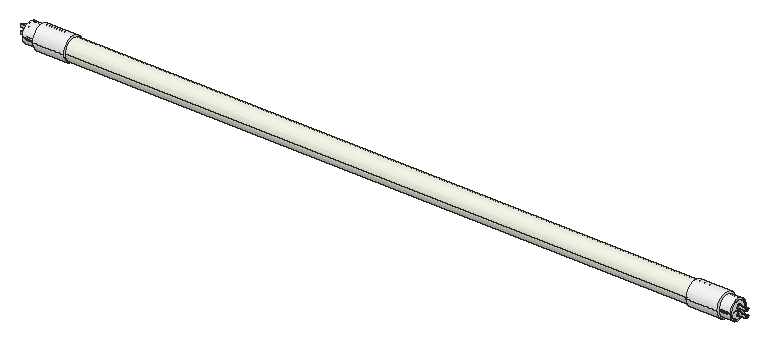
Revit family "STH9608_30_40_65", category Luminárias, Revit 2023
Family settings
  Cota do conector redondo = Utilizar diâmetro
  Tipo de parte = Normal
  Com base no plano de trabalho = Não
  Sempre na vertical = Sim
  Corte com vazios quando carregada = Não
  Fonte luminosa = Sim
  Manter orientação da anotação = Não
  Compartilhado = Não
  Ponto de cálculo do ambiente = Não
Parameters (values of type "STH9608/30 - BIVOLT - 3000K - 950lm - 160°")
  Ângulo de inclinação = 90.00°
  Ângulo de Abertura = "160°"
  Wattage = 6.3955 W
  URL = "https://stella.com.br/"
  Luminoso = Luminoso - 3000K
  Troca de temperatura da cor de lâmpada com esmaecimento = <Nenhum>
  Tensão Elétrica = "100V-240V"
  built-in parameter 1150107 = 3000 (stored number, unit not read)
  Temperatura da cor (K) = 3000 K
  Referência = "STH9608/30 - BIVOLT"
  Potência = 9 W
  built-in parameter 1150110 = 1 (stored number, unit not read)
  built-in parameter 1150109 = 1 (stored number, unit not read)
  built-in parameter 1114218 = 1 (stored number, unit not read)
  built-in parameter 1150112 = 1 (stored number, unit not read)
  built-in parameter 1150113 = 1 (stored number, unit not read)
  built-in parameter 1150132 = 2
  built-in parameter 1150137 = (empty or 0)
  Modelo = "Tubular T5 55cm"
  built-in parameter 1150106 = 0.75599 (stored number, unit not read)
  built-in parameter 1150102 = (empty or 0)
  built-in parameter 1150105 = 75.599 (stored number, unit not read)
  IRC (Índice de reprodução de cores) = ">80"
  Grau de proteção (IP) = "IP20"
  Fluxo Luminoso = 950 lm
  Color Filter = 16777215
  built-in parameter 1114217 = 1 (stored number, unit not read)
  built-in parameter 1150139 = (empty or 0)
  Fabricante = "Stella"
  Estrutura = Al - Branco
  Default Elevation = 0.00 m
  built-in parameter 1150104 = 13.8 (stored number, unit not read)
  Diâmetro = 0.018 m
  Dimerização = "Não dimerizável"
  built-in parameter 1150115 = 1 (stored number, unit not read)
  built-in parameter 1150114 = 1 (stored number, unit not read)
  Lumens = 950 lm
  built-in parameter 1150138 = (empty or 0)
  built-in parameter 1150134 = (empty or 0)
  Comprimento = 0.561 m
  Arquivo de rede fotométrica = "STELLA - STH9608-30 - TUBULAR T5 9W.ies"
  built-in parameter 1150133 = 10 (stored number, unit not read)
Types (4, lengths in m): name | Wattage | Luminoso | built-in parameter 1150107 | Temperatura da cor (K) | Referência | built-in parameter 1150106 | built-in parameter 1150105 | Fluxo Luminoso | Lumens | built-in parameter 1150134 | Arquivo de rede fotométrica
  (no name) | 6.3955 W | Luminoso - 3000K | 3000 (stored number, unit not read) | 3000 K | "STH9608/30 - BIVOLT" | 0.75599 (stored number, unit not read) | 75.599 (stored number, unit not read) | 950 lm | 950 lm | (empty or 0) | "STELLA - STH9608-30 - TUBULAR T5 9W.ies"
  STH9608/30 - BIVOLT - 3000K - 950lm - 160° | 6.3955 W | Luminoso - 3000K | 3000 (stored number, unit not read) | 3000 K | "STH9608/30 - BIVOLT" | 0.75599 (stored number, unit not read) | 75.599 (stored number, unit not read) | 950 lm | 950 lm | (empty or 0) | "STELLA - STH9608-30 - TUBULAR T5 9W.ies"
  STH9608/40 - BIVOLT - 4000K - 1000lm - 160° | 6.7321 W | Luminoso - 4000K | 4000 (stored number, unit not read) | 4000 K | "STH9608/40 - BIVOLT" | 2.0182 (stored number, unit not read) | 201.82 (stored number, unit not read) | 1000 lm | 1000 lm | 12 | "STELLA - STH9608-40 - TUBULAR T5 9W.ies"
  STH9608/65 - BIVOLT - 6500K - 1000lm - 160° | 6.7321 W | Luminoso - 6500K | 6500 (stored number, unit not read) | 6500 K | "STH9608/65 - BIVOLT" | 2.0182 (stored number, unit not read) | 201.82 (stored number, unit not read) | 1000 lm | 1000 lm | 1 | "STELLA - STH9608-65 - TUBULAR T5 9W.ies"
Reference planes (m)
  plane 1 "Centro (Frente/Trás)": y = -0.031228
  plane 2: z = 0
  plane 3 "Centro (Esquerda/Direita)": x = 0
  plane 4: y = -0.022228
  plane 5: y = -0.040228
  plane 6: x = -0.2805
  plane 7: x = 0.2805
  plane 8 "Superior": z = 0.018
Forms (m)
  Extrusion 1, solid, material "Luminoso - 3000K" <- "Luminoso"
    sketch origin (0, 0, 0) x (0, 1, 0) y (0, 0, 1)
      loop
        circle (-0.031228, 0.009) r 0.008
      loop
        circle (-0.031228, 0.009) r 0.0078
    from -0.241 to 0.241
  Extrusion 2, solid, material "Al - Branco" <- "Estrutura"
    sketch origin (0, 0, 0) x (0, 1, 0) y (0, 0, 1)
      loop
        circle (-0.031228, 0.009) r 0.009
      loop
        circle (-0.031228, 0.009) r 0.0075
    from 0.241 to 0.265
  Extrusion 3, solid, material "Al - Branco" <- "Estrutura"
    sketch origin (0, 0, 0) x (0, 1, 0) y (0, 0, 1)
      loop
        circle (-0.031228, 0.009) r 0.0075
      loop
        circle (-0.031228, 0.009) r 0.007
    from 0.265 to 0.274
  Extrusion 4, solid, material "Al - Branco" <- "Estrutura"
    sketch origin (0, 0, 0) x (0, 1, 0) y (0, 0, 1)
      loop
        circle (-0.031228, 0.009) r 0.007
    from 0.2723 to 0.2735
  Extrusion 5, solid, material "Al - Branco" <- "Estrutura"
    sketch origin (0, 0, 0) x (0, 1, 0) y (0, 0, 1)
      loop
        circle (-0.031228, 0.009) r 0.006
    from 0.2735 to 0.274
  Extrusion 6, void
    sketch origin (0, -0.040228, -0.022228) x (0, 0, -1) y (0, 1, 0)
      loop
        arc (-0.032378, 0.01285) -> (-0.032273, 0.01237) -> (-0.031978, 0.011978) r 0.00115
        line (-0.031978, 0.011978) -> (-0.031978, 0.006022)
        arc (-0.031978, 0.006022) -> (-0.032273, 0.00563) -> (-0.032378, 0.00515) r 0.00115
        arc (-0.032378, 0.00515) -> (-0.031228, 0.004) -> (-0.030078, 0.00515) r 0.00115
        arc (-0.030078, 0.00515) -> (-0.030183, 0.00563) -> (-0.030478, 0.006022) r 0.00115
        line (-0.030478, 0.006022) -> (-0.030478, 0.011978)
        arc (-0.030478, 0.011978) -> (-0.030183, 0.01237) -> (-0.030078, 0.01285) r 0.00115
        arc (-0.030078, 0.01285) -> (-0.031228, 0.014) -> (-0.032378, 0.01285) r 0.00115
    from 0.2725 to 0.274
  Extrusion 7, solid, material "Al - Branco" <- "Estrutura"
    sketch origin (0, -0.062456, 0) x (0, -1, 0) y (0, 0, 1)
      loop
        circle (-0.031228, 0.009) r 0.009
      loop
        circle (-0.031228, 0.009) r 0.0075
    from 0.241 to 0.265
  Extrusion 8, solid, material "Al - Branco" <- "Estrutura"
    sketch origin (0, -0.062456, 0) x (0, -1, 0) y (0, 0, 1)
      loop
        circle (-0.031228, 0.009) r 0.0075
      loop
        circle (-0.031228, 0.009) r 0.007
    from 0.265 to 0.274
  Extrusion 9, solid, material "Al - Branco" <- "Estrutura"
    sketch origin (0, -0.062456, 0) x (0, -1, 0) y (0, 0, 1)
      loop
        circle (-0.031228, 0.009) r 0.007
    from 0.2723 to 0.2735
  Extrusion 10, solid, material "Al - Branco" <- "Estrutura"
    sketch origin (0, -0.062456, 0) x (0, -1, 0) y (0, 0, 1)
      loop
        circle (-0.031228, 0.009) r 0.006
    from 0.2735 to 0.274
  Extrusion 11, void
    sketch origin (0, -0.022228, -0.022228) x (0, 0, -1) y (0, -1, 0)
      loop
        arc (-0.032378, 0.01285) -> (-0.032273, 0.01237) -> (-0.031978, 0.011978) r 0.00115
        line (-0.031978, 0.011978) -> (-0.031978, 0.006022)
        arc (-0.031978, 0.006022) -> (-0.032273, 0.00563) -> (-0.032378, 0.00515) r 0.00115
        arc (-0.032378, 0.00515) -> (-0.031228, 0.004) -> (-0.030078, 0.00515) r 0.00115
        arc (-0.030078, 0.00515) -> (-0.030183, 0.00563) -> (-0.030478, 0.006022) r 0.00115
        line (-0.030478, 0.006022) -> (-0.030478, 0.011978)
        arc (-0.030478, 0.011978) -> (-0.030183, 0.01237) -> (-0.030078, 0.01285) r 0.00115
        arc (-0.030078, 0.01285) -> (-0.031228, 0.014) -> (-0.032378, 0.01285) r 0.00115
    from 0.2725 to 0.274
  Extrusion 12, solid, material "Al - Branco" <- "Estrutura"
    sketch origin (0, -0.031228, 0) x (1, 0, 0) y (0, 0, 1)
      loop
        line (-0.271, 0.01) -> (-0.272, 0.009) -> (-0.271, 0.008) -> (-0.265, 0.008) -> (-0.265, 0.01) -> (-0.271, 0.01)
    from 0.007159 to 0.008245
  Extrusion 13, void
    sketch origin (0, 0.001555, 0) x (0, 1, 0) y (0, 0, 1)
      loop
        arc (-0.041943, 0.008977) -> (-0.041922, 0.008344) -> (-0.041862, 0.007713) r 0.01
        line (-0.041862, 0.007713) -> (-0.040374, 0.007713)
        arc (-0.040374, 0.007713) -> (-0.040456, 0.008354) -> (-0.040483, 0.009) r 0.0077
        arc (-0.040483, 0.009) -> (-0.040456, 0.009646) -> (-0.040374, 0.010287) r 0.0077
        line (-0.040374, 0.010287) -> (-0.041856, 0.010287)
        arc (-0.041856, 0.010287) -> (-0.041921, 0.009633) -> (-0.041943, 0.008977) r 0.01
    from -0.2723 to -0.263813
  Extrusion 14, solid, material "Al - Branco" <- "Estrutura"
    sketch origin (0, -0.031228, 0.018) x (-1, 0, 0) y (0, 0, -1)
      loop
        line (-0.271, 0.01) -> (-0.272, 0.009) -> (-0.271, 0.008) -> (-0.265, 0.008) -> (-0.265, 0.01) -> (-0.271, 0.01)
    from 0.007159 to 0.008245
  Extrusion 15, void
    sketch origin (0, 0.001555, 0) x (0, 1, 0) y (0, 0, -1)
      loop
        arc (-0.041943, -0.008977) -> (-0.041921, -0.009633) -> (-0.041856, -0.010287) r 0.01
        line (-0.041856, -0.010287) -> (-0.040374, -0.010287)
        arc (-0.040374, -0.010287) -> (-0.040456, -0.009646) -> (-0.040483, -0.009) r 0.0077
        arc (-0.040483, -0.009) -> (-0.040456, -0.008354) -> (-0.040374, -0.007713) r 0.0077
        line (-0.040374, -0.007713) -> (-0.041862, -0.007713)
        arc (-0.041862, -0.007713) -> (-0.041922, -0.008344) -> (-0.041943, -0.008977) r 0.01
    from -0.2723 to -0.263813
Cuts and joins
  Extrusion 6, Extrusion 11 cuts Extrusion 4
  Extrusion 6, Extrusion 11 cuts Extrusion 5
  joined: Extrusion 4, Extrusion 5
  Extrusion 11 cuts Extrusion 9
  Extrusion 11 cuts Extrusion 10
  Extrusion 13, Extrusion 15 cuts Extrusion 12
  Extrusion 15 cuts Extrusion 7
  Extrusion 15 cuts Extrusion 14
Dimensions and locks (m)
  "Comprimento": plane 6 to plane 7
  "Diâmetro": plane 4 to plane 5
  aligned and locked: level to plane 2
Automatic sketch dimensions
  Extrusion 1 sketch curve to Extrusion 1 sketch curve = 0.00 m  (x2)
  Extrusion 1 sketch curve to plane 1 "Centro (Frente/Trás)" = 0.00 m
  level to Extrusion 1 sketch curve = 0.009 m
  Extrusion 2 sketch curve to Extrusion 2 sketch curve = 0.00 m  (x2)
  Extrusion 2 sketch curve to plane 1 "Centro (Frente/Trás)" = 0.00 m
  level to Extrusion 2 sketch curve = 0.009 m
  Extrusion 3 sketch curve to Extrusion 3 sketch curve = 0.00 m  (x2)
  Extrusion 3 sketch curve to plane 1 "Centro (Frente/Trás)" = 0.00 m
  level to Extrusion 3 sketch curve = 0.009 m
  Extrusion 4 sketch curve to Extrusion 4 sketch curve = 0.00 m  (x2)
  Extrusion 4 sketch curve to plane 1 "Centro (Frente/Trás)" = 0.00 m
  level to Extrusion 4 sketch curve = 0.009 m
  plane 5 to Extrusion 4 sketch curve = 0.002 m
  Extrusion 5 sketch curve to Extrusion 5 sketch curve = 0.00 m  (x2)
  Extrusion 5 sketch curve to plane 1 "Centro (Frente/Trás)" = 0.00 m
  level to Extrusion 5 sketch curve = 0.009 m
  plane 5 to Extrusion 5 sketch curve = 0.003 m
  Extrusion 6 sketch curve to Extrusion 6 sketch curve = 0.00 m  (x12)
  Extrusion 6 sketch curve to plane 1 "Centro (Frente/Trás)" = 0.002978 m
  Extrusion 6 sketch curve to plane 8 "Superior" = 0.00825 m
  Extrusion 6 sketch curve to Extrusion 6 sketch curve = 0.00075 m  (x3)
  plane 1 "Centro (Frente/Trás)" to Extrusion 6 sketch curve = 0.002978 m
  Extrusion 6 sketch curve to Extrusion 6 sketch curve = 0.000872 m  (x2)
  Extrusion 7 sketch curve to Extrusion 7 sketch curve = 0.00 m  (x2)
  Extrusion 7 sketch curve to plane 1 "Centro (Frente/Trás)" = 0.00 m
  level to Extrusion 7 sketch curve = 0.009 m
  Extrusion 8 sketch curve to Extrusion 8 sketch curve = 0.00 m  (x2)
  Extrusion 8 sketch curve to plane 1 "Centro (Frente/Trás)" = 0.00 m
  level to Extrusion 8 sketch curve = 0.009 m
  Extrusion 9 sketch curve to Extrusion 9 sketch curve = 0.00 m  (x2)
  Extrusion 9 sketch curve to plane 1 "Centro (Frente/Trás)" = 0.00 m
  level to Extrusion 9 sketch curve = 0.009 m
  Extrusion 9 sketch curve to plane 4 = 0.002 m
  Extrusion 10 sketch curve to Extrusion 10 sketch curve = 0.00 m  (x2)
  Extrusion 10 sketch curve to plane 1 "Centro (Frente/Trás)" = 0.00 m
  level to Extrusion 10 sketch curve = 0.009 m
  Extrusion 10 sketch curve to plane 4 = 0.003 m
  Extrusion 11 sketch curve to Extrusion 11 sketch curve = 0.00 m  (x12)
  plane 1 "Centro (Frente/Trás)" to Extrusion 11 sketch curve = 0.002978 m
  Extrusion 11 sketch curve to plane 8 "Superior" = 0.00825 m
  Extrusion 11 sketch curve to Extrusion 11 sketch curve = 0.00075 m  (x3)
  Extrusion 11 sketch curve to plane 1 "Centro (Frente/Trás)" = 0.002978 m
  Extrusion 11 sketch curve to Extrusion 11 sketch curve = 0.000872 m  (x2)
  plane 6 to Extrusion 12 sketch curve = 0.0085 m
  Extrusion 12 sketch curve to Extrusion 12 sketch curve = 0.001 m  (x3)
  Extrusion 12 sketch curve to Extrusion 12 sketch curve = 0.006 m
  level to Extrusion 12 sketch curve = 0.008 m
  Extrusion 13 sketch curve to Extrusion 13 sketch curve = 0.00 m  (x4)
  Extrusion 13 sketch curve to plane 1 "Centro (Frente/Trás)" = 0.00 m
  plane 5 to Extrusion 13 sketch curve = 0.001408 m  (x2)
  Extrusion 13 sketch curve to plane 5 = 0.000074 m
  Extrusion 13 sketch curve to plane 5 = 0.00008 m
  Extrusion 13 sketch curve to plane 1 "Centro (Frente/Trás)" = 0.00084 m
  level to Extrusion 13 sketch curve = 0.007713 m
  Extrusion 13 sketch curve to Extrusion 13 sketch curve = 0.001263 m
  Extrusion 14 sketch curve to plane 7 = 0.0085 m
  Extrusion 14 sketch curve to Extrusion 14 sketch curve = 0.001 m  (x3)
  Extrusion 14 sketch curve to Extrusion 14 sketch curve = 0.006 m
  Extrusion 14 sketch curve to plane 8 "Superior" = 0.008 m
  Extrusion 15 sketch curve to Extrusion 15 sketch curve = 0.00 m  (x4)
  Extrusion 15 sketch curve to plane 1 "Centro (Frente/Trás)" = 0.00 m
  plane 5 to Extrusion 15 sketch curve = 0.001408 m  (x2)
  Extrusion 15 sketch curve to plane 5 = 0.000074 m
  Extrusion 15 sketch curve to plane 5 = 0.00008 m
  Extrusion 15 sketch curve to plane 1 "Centro (Frente/Trás)" = 0.00084 m
  Extrusion 15 sketch curve to plane 8 "Superior" = 0.007713 m
  Extrusion 15 sketch curve to Extrusion 15 sketch curve = 0.001287 m
  radius of Extrusion 1 sketch curve = 0.008 m
  radius of Extrusion 1 sketch curve = 0.0078 m
  radius of Extrusion 2 sketch curve = 0.009 m
  radius of Extrusion 2 sketch curve = 0.0075 m
  radius of Extrusion 3 sketch curve = 0.0075 m
  radius of Extrusion 3 sketch curve = 0.007 m
  radius of Extrusion 7 sketch curve = 0.009 m
  radius of Extrusion 7 sketch curve = 0.0075 m
  radius of Extrusion 8 sketch curve = 0.0075 m
  radius of Extrusion 8 sketch curve = 0.007 m
Nested families (m)
  nested 1: "Base Tubular" at (0.2776, -0.031228, 0.01) x (-1, 0, 0) z (0, 0, 1), type "Base Tubular"
  nested 2: "Base Tubular" at (0.2776, -0.031228, 0.005) x (-1, 0, 0) z (0, 0, 1), type "Base Tubular"
  nested 3: "Base Tubular" at (-0.2776, -0.031228, 0.01), type "Base Tubular"
  nested 4: "Base Tubular" at (-0.2776, -0.031228, 0.005), type "Base Tubular"
Connectors (m)
  electrical at (0, -0.031228, 0.018)
    settings: index 1, voltage 0 V, apparent load 0 VA, apparent load phase1 0 VA, apparent load phase2 0 VA, apparent load phase3 0 VA, power factor 1, load classification "Outro", number of poles 1, system type 31, power factor state 1, is connector primary yes, connector utility no, sub classification motor no, connector description ""
Definition of nested family "Base Tubular"
  Parameters (values of type "Base Tubular")
    Default Elevation = 0.00 m
    Cromado = none
  Reference planes (m)
    plane 1 "Centro (Frente/Trás)": y = 0
    plane 2: z = 0
    plane 3 "Centro (Esquerda/Direita)": x = 0
    plane 4: z = 0.003
    plane 5: x = -0.0036
    plane 6: x = 0.0036
    plane 7: y = 0.0015
    plane 8: y = -0.0015
  Forms (m)
    Revolve 1, solid, material <- "Cromado"
      sketch origin (0, 0, 0) x (1, 0, 0) y (0, 0, 1)
        loop
          line (-0.0036, 0.0015) -> (0.00335, 0.0015) -> (0.00335, 0.003) -> (0.002632, 0.00265) -> (-0.00285, 0.00265) -> (-0.0036, 0.0023) -> (-0.0036, 0.0015)
        axis (-0.0036, 0.0015) -> (0.00335, 0.0015)
      angle from 0 to 360
    Extrusion 2, void
      sketch origin (0, 0, 0) x (0, 1, 0) y (0, 0, 1)
        loop
          circle (0, 0.0015) r 0.0005
      from -0.0036 to 0.0013
    Extrusion 3, solid, material <- "Cromado"
      sketch origin (0, 0, 0) x (0, 1, 0) y (0, 0, 1)
        loop
          circle (0, 0.0015) r 0.0015
      from 0.00335 to 0.0036
  Cuts and joins
    Extrusion 2 cuts Revolve 1
  Dimensions and locks (m)
    aligned and locked: plane 2 to level
